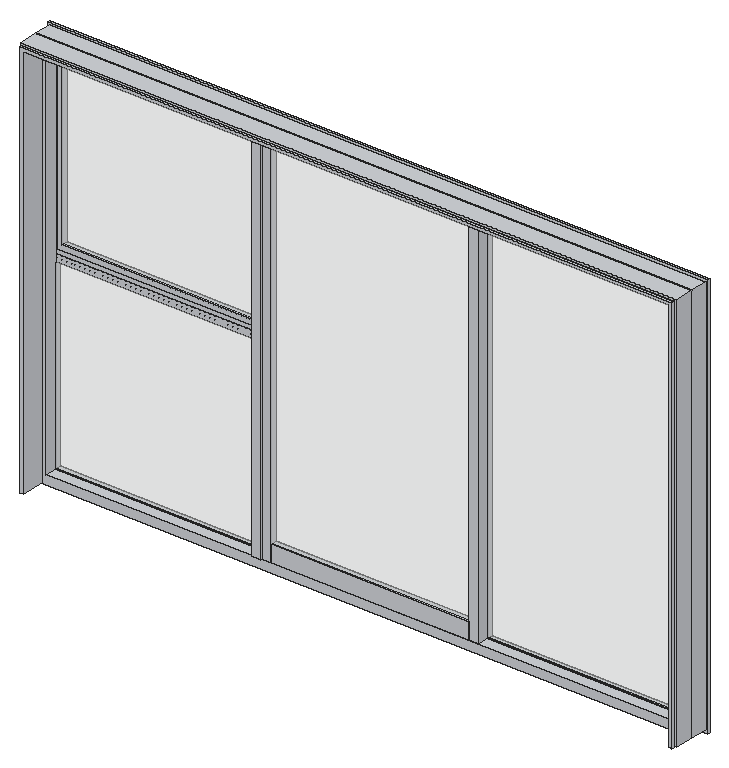
Revit family "APL Residential Thermal Heart Sliding Door FSF with Sidelight", category Doors, host Wall, Revit 2017 (continued)
Definition of nested family "APL Residential Thermal Heart Sliding Door FSF with Sidelight Horizontal Section"
  Definition of nested family "Jamb&Sash"
    Definition of nested family "65720_Sash"
      Lines and regions (mm)
        model lines, in view "Ref. Level"
          curve 136: line (19.579, 1.5, 0) -> (18.169, 2.309, 0)
          curve 137: line (17.6, 2.45, 0) -> (17.6, 0.874, 0)
          curve 138: line (22.5, 6.6, 0) -> (28.892, 6.6, 0)
          curve 139: line (34.135, 2.97, 0) -> (38.899, 2.97, 0)
          curve 140: line (39.4, 2.47, 0) -> (39.4, -6.3, 0)
          curve 141: line (38.9, -6.8, 0) -> (22.502, -6.8, 0)
          curve 142: line (22, -6.3, 0) -> (22, 6.1, 0)
          curve 143: arc (22, 6.1, 0) -> (22.146, 6.454, 0) -> (22.5, 6.6, 0) r 0.5
          curve 144: arc (12.714, 14.359, 0) -> (13.138, 14.183, 0) -> (13.314, 13.759, 0) r 0.6
          curve 145: arc (13.633, 5.978, 0) -> (13.937, 5.291, 0) -> (14.633, 5.009, 0) r 1
          curve 146: arc (17.054, 5.009, 0) -> (17.364, 5.05, 0) -> (17.654, 5.17, 0) r 1.2
          curve 147: arc (19.714, 6.209, 0) -> (19.996, 6.092, 0) -> (20.114, 5.809, 0) r 0.4
          curve 148: arc (20.014, 4.834, 0) -> (19.955, 4.693, 0) -> (19.814, 4.634, 0) r 0.2
          curve 149: arc (19.617, 4.653, 0) -> (19.041, 4.615, 0) -> (18.764, 4.109, 0) r 0.6
          curve 150: arc (18.764, 4.109, 0) -> (19.041, 3.603, 0) -> (19.617, 3.565, 0) r 0.6
          curve 151: arc (19.814, 3.584, 0) -> (19.955, 3.525, 0) -> (20.014, 3.384, 0) r 0.2
          curve 152: arc (20.114, 2.409, 0) -> (19.996, 2.126, 0) -> (19.714, 2.009, 0) r 0.4
          curve 153: arc (17.654, 3.048, 0) -> (17.364, 3.168, 0) -> (17.054, 3.209, 0) r 1.2
          curve 154: arc (8.374, 3.209, 0) -> (8.063, 3.168, 0) -> (7.774, 3.048, 0) r 1.2
          curve 155: arc (5.714, 2.009, 0) -> (5.431, 2.126, 0) -> (5.314, 2.409, 0) r 0.4
          curve 156: arc (5.414, 3.384, 0) -> (5.472, 3.525, 0) -> (5.614, 3.584, 0) r 0.2
          curve 157: arc (5.81, 3.565, 0) -> (6.386, 3.603, 0) -> (6.664, 4.109, 0) r 0.6
          curve 158: arc (6.664, 4.109, 0) -> (6.386, 4.615, 0) -> (5.81, 4.653, 0) r 0.6
          curve 159: arc (5.614, 4.634, 0) -> (5.472, 4.693, 0) -> (5.414, 4.834, 0) r 0.2
          curve 160: arc (5.314, 5.809, 0) -> (5.431, 6.092, 0) -> (5.714, 6.209, 0) r 0.4
          curve 161: arc (7.774, 5.17, 0) -> (8.063, 5.05, 0) -> (8.374, 5.009, 0) r 1.2
          curve 162: arc (10.794, 5.009, 0) -> (11.49, 5.291, 0) -> (11.794, 5.978, 0) r 1
          curve 163: line (13.314, 13.759, 0) -> (13.633, 5.978, 0)
          curve 164: line (14.633, 5.009, 0) -> (16.946, 5.009, 0)
          curve 165: line (17.654, 5.17, 0) -> (18.414, 5.609, 0)
          curve 166: line (18.414, 5.609, 0) -> (19.407, 6.182, 0)
          curve 167: line (19.407, 6.182, 0) -> (19.714, 6.209, 0)
          curve 168: line (20.114, 5.809, 0) -> (20.114, 5.309, 0)
          curve 169: line (20.114, 5.309, 0) -> (20.014, 4.834, 0)
          curve 170: line (20.014, 3.384, 0) -> (20.014, 3.009, 0)
          curve 171: line (20.014, 3.009, 0) -> (20.114, 2.409, 0)
          curve 172: line (19.714, 2.009, 0) -> (19.507, 2.009, 0)
          curve 173: line (19.507, 2.009, 0) -> (18.414, 2.609, 0)
          curve 174: line (18.414, 2.609, 0) -> (17.654, 3.048, 0)
          curve 175: line (16.946, 3.209, 0) -> (12.714, 3.209, 0)
          curve 176: line (12.714, 3.209, 0) -> (8.374, 3.209, 0)
          curve 177: line (7.774, 3.048, 0) -> (6.02, 2.036, 0)
          curve 178: line (6.02, 2.036, 0) -> (5.714, 2.009, 0)
          curve 179: line (5.314, 2.409, 0) -> (5.314, 2.909, 0)
          curve 180: line (5.314, 2.909, 0) -> (5.414, 3.384, 0)
          curve 181: line (5.414, 4.834, 0) -> (5.414, 5.209, 0)
          curve 182: line (5.414, 5.209, 0) -> (5.314, 5.809, 0)
          curve 183: line (5.714, 6.209, 0) -> (5.92, 6.209, 0)
          curve 184: line (5.92, 6.209, 0) -> (7.774, 5.17, 0)
          curve 185: line (8.374, 5.009, 0) -> (10.794, 5.009, 0)
          curve 186: line (11.794, 5.978, 0) -> (12.114, 13.768, 0)
          curve 187: arc (12.114, 13.768, 0) -> (12.293, 14.187, 0) -> (12.714, 14.359, 0) r 0.6
          curve 188: arc (5.3, -2.4, 0) -> (5.417, -2.117, 0) -> (5.7, -2, 0) r 0.4
          curve 189: arc (5.993, -2, 0) -> (6.096, -2.014, 0) -> (6.193, -2.054, 0) r 0.4
          curve 190: arc (7.721, -2.939, 0) -> (8.011, -3.059, 0) -> (8.322, -3.1, 0) r 1.2
          curve 191: arc (9.245, -3.1, 0) -> (9.818, -3.281, 0) -> (10.184, -3.758, 0) r 1
          curve 192: arc (10.977, -5.937, 0) -> (11.124, -6.128, 0) -> (11.353, -6.2, 0) r 0.4
          curve 193: arc (14.047, -6.2, 0) -> (14.276, -6.128, 0) -> (14.423, -5.937, 0) r 0.4
          curve 194: arc (15.216, -3.758, 0) -> (15.582, -3.281, 0) -> (16.155, -3.1, 0) r 1
          curve 195: arc (17.078, -3.1, 0) -> (17.389, -3.059, 0) -> (17.679, -2.939, 0) r 1.2
          curve 196: arc (19.207, -2.054, 0) -> (19.304, -2.014, 0) -> (19.407, -2, 0) r 0.4
          curve 197: arc (19.7, -2, 0) -> (19.983, -2.117, 0) -> (20.1, -2.4, 0) r 0.4
          curve 198: arc (20.1, -5.8, 0) -> (19.983, -6.083, 0) -> (19.7, -6.2, 0) r 0.4
          curve 199: arc (19.407, -6.2, 0) -> (19.304, -6.186, 0) -> (19.207, -6.146, 0) r 0.4
          curve 200: arc (17.679, -5.261, 0) -> (17.385, -5.14, 0) -> (17.07, -5.1, 0) r 1.2
          curve 201: arc (17.07, -5.1, 0) -> (16.895, -5.153, 0) -> (16.784, -5.297, 0) r 0.3
          curve 202: arc (15.896, -7.737, 0) -> (15.749, -7.928, 0) -> (15.52, -8, 0) r 0.4
          curve 203: arc (9.88, -8, 0) -> (9.651, -7.928, 0) -> (9.504, -7.737, 0) r 0.4
          curve 204: arc (8.616, -5.297, 0) -> (8.505, -5.153, 0) -> (8.33, -5.1, 0) r 0.3
          curve 205: arc (8.33, -5.1, 0) -> (8.015, -5.14, 0) -> (7.721, -5.261, 0) r 1.2
          curve 206: arc (6.193, -6.146, 0) -> (6.096, -6.186, 0) -> (5.993, -6.2, 0) r 0.4
          curve 207: arc (5.7, -6.2, 0) -> (5.417, -6.083, 0) -> (5.3, -5.8, 0) r 0.4
          curve 208: line (5.7, -2, 0) -> (5.993, -2, 0)
          curve 209: line (6.193, -2.054, 0) -> (7.721, -2.939, 0)
          curve 210: line (8.322, -3.1, 0) -> (9.245, -3.1, 0)
          curve 211: line (10.184, -3.758, 0) -> (10.977, -5.937, 0)
          curve 212: line (11.353, -6.2, 0) -> (14.047, -6.2, 0)
          curve 213: line (14.423, -5.937, 0) -> (15.216, -3.758, 0)
          curve 214: line (16.155, -3.1, 0) -> (17.078, -3.1, 0)
          curve 215: line (17.679, -2.939, 0) -> (19.207, -2.054, 0)
          curve 216: line (19.407, -2, 0) -> (19.7, -2, 0)
          curve 217: line (20.1, -2.4, 0) -> (20.1, -5.8, 0)
          curve 218: line (19.7, -6.2, 0) -> (19.407, -6.2, 0)
          curve 219: line (19.207, -6.146, 0) -> (17.679, -5.261, 0)
          curve 220: line (16.784, -5.297, 0) -> (15.896, -7.737, 0)
          curve 221: line (15.52, -8, 0) -> (9.88, -8, 0)
          curve 222: line (9.504, -7.737, 0) -> (8.616, -5.297, 0)
          curve 223: line (7.721, -5.261, 0) -> (6.193, -6.146, 0)
          curve 224: line (5.993, -6.2, 0) -> (5.7, -6.2, 0)
          curve 225: line (5.3, -5.8, 0) -> (5.3, -2.4, 0)
          curve 226: arc (7.8, -0.874, 0) -> (7.718, -0.477, 0) -> (7.485, -0.146, 0) r 1
          curve 227: arc (7.485, -0.146, 0) -> (7.422, 0, 0) -> (7.485, 0.146, 0) r 0.2
          curve 228: arc (7.485, 0.146, 0) -> (7.718, 0.477, 0) -> (7.8, 0.874, 0) r 1
          curve 229: arc (7.8, 2.449, 0) -> (7.673, 2.668, 0) -> (7.42, 2.663, 0) r 0.25
          curve 230: arc (7.334, 2.611, 0) -> (7.228, 2.479, 0) -> (7.231, 2.309, 0) r 0.25
          curve 231: arc (5.977, 1.544, 0) -> (5.902, 1.511, 0) -> (5.821, 1.5, 0) r 0.3
          curve 232: arc (5.3, 1.5, 0) -> (5.142, 1.578, 0) -> (5.106, 1.75, 0) r 0.2
          curve 233: arc (5.3, 5.753, 0) -> (5.274, 5.875, 0) -> (5.2, 5.976, 0) r 0.3
          curve 234: arc (5.2, 5.976, 0) -> (5.12, 6.307, 0) -> (5.4, 6.5, 0) r 0.3
          curve 235: arc (7.621, 5.957, 0) -> (7.71, 5.905, 0) -> (7.762, 5.816, 0) r 0.2
          curve 236: arc (7.807, 5.648, 0) -> (7.948, 5.507, 0) -> (8.141, 5.559, 0) r 0.2
          curve 237: arc (8.505, 5.922, 0) -> (8.565, 6.008, 0) -> (8.592, 6.108, 0) r 0.3
          curve 238: arc (8.799, 8.474, 0) -> (8.683, 8.738, 0) -> (8.397, 8.782, 0) r 0.3
          curve 239: arc (6.987, 8.268, 0) -> (6.861, 8.181, 0) -> (6.795, 8.043, 0) r 0.3
          curve 240: arc (6.795, 8.043, 0) -> (6.522, 7.801, 0) -> (6.217, 8, 0) r 0.3
          curve 241: arc (-3.3, 8, 0) -> (-4.007, 8.293, 0) -> (-4.3, 9, 0) r 1
          curve 242: arc (-4.3, 18.8, 0) -> (-4.241, 18.941, 0) -> (-4.1, 19, 0) r 0.2
          curve 243: arc (-3.2, 19, 0) -> (-2.493, 19.293, 0) -> (-2.2, 20, 0) r 1
          curve 244: arc (-2.2, 20.751, 0) -> (-2.7, 21.252, 0) -> (-3.2, 20.751, 0) r 0.5
          curve 245: arc (-3.2, 24.751, 0) -> (-2.7, 24.249, 0) -> (-2.2, 24.751, 0) r 0.5
          curve 246: arc (-2.2, 25.501, 0) -> (-2.493, 26.207, 0) -> (-3.199, 26.5, 0) r 0.999
          curve 247: arc (-4.7, 26.5, 0) -> (-5.407, 26.207, 0) -> (-5.7, 25.5, 0) r 1
          curve 248: arc (-5.7, -14.454, 0) -> (-5.548, -15.22, 0) -> (-5.114, -15.869, 0) r 2
          curve 249: arc (5.959, -26.941, 0) -> (6.177, -26.985, 0) -> (6.3, -26.8, 0) r 0.2
          curve 250: arc (6.3, -22.85, 0) -> (6.241, -22.709, 0) -> (6.1, -22.65, 0) r 0.2
          curve 251: arc (5.501, -22.65, 0) -> (5.359, -22.708, 0) -> (5.3, -22.85, 0) r 0.2
          curve 252: arc (5.3, -23.2, 0) -> (5.241, -23.341, 0) -> (5.1, -23.4, 0) r 0.201
          curve 253: arc (4.497, -23.4, 0) -> (4.357, -23.341, 0) -> (4.3, -23.2, 0) r 0.198
          curve 254: arc (4.3, -20.1, 0) -> (4.358, -19.96, 0) -> (4.497, -19.9, 0) r 0.2
          curve 255: arc (5.1, -19.9, 0) -> (5.241, -19.959, 0) -> (5.3, -20.1, 0) r 0.2
          curve 256: arc (5.3, -20.45, 0) -> (5.359, -20.591, 0) -> (5.5, -20.65, 0) r 0.2
          curve 257: arc (6.1, -20.65, 0) -> (6.241, -20.591, 0) -> (6.3, -20.45, 0) r 0.2
          curve 258: arc (6.3, -19.092, 0) -> (6.244, -18.951, 0) -> (6.1, -18.9, 0) r 0.184
          curve 259: arc (6.217, -8, 0) -> (6.522, -7.801, 0) -> (6.795, -8.043, 0) r 0.3
          curve 260: arc (6.795, -8.043, 0) -> (6.861, -8.181, 0) -> (6.987, -8.268, 0) r 0.3
          curve 261: arc (8.397, -8.782, 0) -> (8.683, -8.738, 0) -> (8.799, -8.474, 0) r 0.3
          curve 262: arc (8.592, -6.108, 0) -> (8.565, -6.008, 0) -> (8.505, -5.922, 0) r 0.3
          curve 263: arc (8.141, -5.559, 0) -> (7.948, -5.507, 0) -> (7.807, -5.648, 0) r 0.2
          curve 264: arc (7.762, -5.816, 0) -> (7.71, -5.905, 0) -> (7.621, -5.957, 0) r 0.2
          curve 265: arc (5.4, -6.5, 0) -> (5.12, -6.307, 0) -> (5.2, -5.976, 0) r 0.3
          curve 266: arc (5.2, -5.976, 0) -> (5.274, -5.875, 0) -> (5.3, -5.753, 0) r 0.3
          curve 267: arc (5.106, -1.75, 0) -> (5.142, -1.578, 0) -> (5.3, -1.5, 0) r 0.2
          curve 268: arc (5.82, -1.5, 0) -> (5.902, -1.511, 0) -> (5.977, -1.544, 0) r 0.3
          curve 269: arc (7.231, -2.309, 0) -> (7.228, -2.479, 0) -> (7.334, -2.611, 0) r 0.25
          curve 270: arc (7.42, -2.663, 0) -> (7.672, -2.668, 0) -> (7.8, -2.45, 0) r 0.25
          curve 271: arc (-0.454, 6.272, 0) -> (-0.427, 6.485, 0) -> (-0.608, 6.6, 0) r 0.2
          curve 272: arc (-3.4, 6.6, 0) -> (-4.107, 6.307, 0) -> (-4.4, 5.6, 0) r 1
          curve 273: arc (-4.4, -2.447, 0) -> (-4.254, -2.802, 0) -> (-3.9, -2.949, 0) r 0.5
          curve 274: arc (-2.4, -2.949, 0) -> (-1.693, -3.242, 0) -> (-1.4, -3.949, 0) r 1
          curve 275: arc (-1.4, -4.449, 0) -> (-1.9, -4.949, 0) -> (-2.4, -4.449, 0) r 0.5
          curve 276: arc (-4, -3.949, 0) -> (-4.283, -4.067, 0) -> (-4.4, -4.349, 0) r 0.4
          curve 277: arc (-4.4, -9.05, 0) -> (-4, -9.45, 0) -> (-4.4, -9.85, 0) r 0.4
          curve 278: arc (-4.4, -14.452, 0) -> (-4.347, -14.721, 0) -> (-4.195, -14.949, 0) r 0.7
          curve 279: arc (-2.4, -14.449, 0) -> (-1.9, -13.949, 0) -> (-1.4, -14.449, 0) r 0.5
          curve 280: arc (-1.4, -15.007, 0) -> (-1.602, -15.609, 0) -> (-2.125, -15.969, 0) r 1
          curve 281: arc (-2.125, -15.969, 0) -> (-2.472, -16.324, 0) -> (-2.341, -16.803, 0) r 0.5
          curve 282: arc (2.959, -22.103, 0) -> (3.177, -22.146, 0) -> (3.3, -21.962, 0) r 0.2
          curve 283: line (7.8, 0.874, 0) -> (7.8, 2.449, 0)
          curve 284: line (7.231, 2.309, 0) -> (5.977, 1.544, 0)
          curve 285: line (5.977, 1.544, 0) -> (5.3, 1.5, 0)
          curve 286: line (5.106, 1.75, 0) -> (5.294, 2.475, 0)
          curve 287: line (5.294, 2.475, 0) -> (5.3, 5.753, 0)
          curve 288: line (5.554, 6.5, 0) -> (7.621, 5.957, 0)
          curve 289: line (7.621, 5.957, 0) -> (7.807, 5.648, 0)
          curve 290: line (8.141, 5.559, 0) -> (8.505, 5.922, 0)
          curve 291: line (8.592, 6.108, 0) -> (8.799, 8.474, 0)
          curve 292: line (8.397, 8.782, 0) -> (6.987, 8.268, 0)
          curve 293: line (6.217, 8, 0) -> (-3.3, 8, 0)
          curve 294: line (-4.3, 9, 0) -> (-4.3, 18.8, 0)
          curve 295: line (-4.1, 19, 0) -> (-3.2, 19, 0)
          curve 296: line (-2.2, 20, 0) -> (-2.2, 20.751, 0)
          curve 297: line (-3.2, 20.751, 0) -> (-3.2, 20, 0)
          curve 298: line (-3.2, 20, 0) -> (-4.7, 20, 0)
          curve 299: line (-4.7, 20, 0) -> (-4.7, 25.5, 0)
          curve 300: line (-4.7, 25.5, 0) -> (-3.2, 25.5, 0)
          curve 301: line (-3.2, 25.5, 0) -> (-3.2, 24.751, 0)
          curve 302: line (-2.2, 24.751, 0) -> (-2.2, 25.501, 0)
          curve 303: line (-3.199, 26.5, 0) -> (-4.7, 26.5, 0)
          curve 304: line (-5.7, 25.5, 0) -> (-5.7, -14.454, 0)
          curve 305: line (-5.114, -15.869, 0) -> (5.959, -26.941, 0)
          curve 306: line (6.3, -26.8, 0) -> (6.3, -22.85, 0)
          curve 307: line (6.1, -22.65, 0) -> (5.501, -22.65, 0)
          curve 308: line (5.3, -22.85, 0) -> (5.3, -23.2, 0)
          curve 309: line (5.1, -23.4, 0) -> (4.497, -23.4, 0)
          curve 310: line (4.3, -23.2, 0) -> (4.3, -20.1, 0)
          curve 311: line (4.497, -19.9, 0) -> (5.1, -19.9, 0)
          curve 312: line (5.3, -20.1, 0) -> (5.3, -20.45, 0)
          curve 313: line (5.5, -20.65, 0) -> (6.1, -20.65, 0)
          curve 314: line (6.3, -20.45, 0) -> (6.3, -19.092, 0)
          curve 315: line (6.1, -18.9, 0) -> (4.6, -18.9, 0)
          curve 316: line (4.6, -18.9, 0) -> (4.6, -8, 0)
          curve 317: line (4.6, -8, 0) -> (6.217, -8, 0)
          curve 318: line (6.987, -8.268, 0) -> (8.397, -8.782, 0)
          curve 319: line (8.799, -8.474, 0) -> (8.592, -6.108, 0)
          curve 320: line (8.505, -5.922, 0) -> (8.141, -5.559, 0)
          curve 321: line (7.807, -5.648, 0) -> (7.762, -5.816, 0)
          curve 322: line (7.762, -5.816, 0) -> (5.632, -6.49, 0)
          curve 323: line (5.632, -6.49, 0) -> (5.4, -6.5, 0)
          curve 324: line (5.3, -5.753, 0) -> (5.3, -2.525, 0)
          curve 325: line (5.3, -2.525, 0) -> (5.106, -1.75, 0)
          curve 326: line (5.3, -1.5, 0) -> (5.82, -1.5, 0)
          curve 327: line (5.821, -1.5, 0) -> (7.231, -2.309, 0)
          curve 328: line (7.8, -2.45, 0) -> (7.8, -0.874, 0)
          curve 329: line (-0.608, 6.6, 0) -> (-3.4, 6.6, 0)
          curve 330: line (-4.4, 5.6, 0) -> (-4.4, -2.447, 0)
          curve 331: line (-3.9, -2.949, 0) -> (-2.4, -2.949, 0)
          curve 332: line (-1.4, -3.949, 0) -> (-1.4, -4.449, 0)
          curve 333: line (-2.4, -4.449, 0) -> (-2.4, -3.949, 0)
          curve 334: line (-2.4, -3.949, 0) -> (-4, -3.949, 0)
          curve 335: line (-4.4, -4.349, 0) -> (-4.4, -9.05, 0)
          curve 336: line (-4.4, -9.85, 0) -> (-4.4, -14.452, 0)
          curve 337: line (-4.195, -14.949, 0) -> (-2.4, -14.949, 0)
          curve 338: line (-2.4, -14.949, 0) -> (-2.4, -14.449, 0)
          curve 339: line (-1.4, -14.449, 0) -> (-1.4, -15.007, 0)
          curve 340: line (-2.341, -16.803, 0) -> (2.959, -22.103, 0)
          curve 341: line (3.3, -21.962, 0) -> (3.3, 2.193, 0)
          curve 342: arc (3.3, 2.193, 0) -> (3.272, 2.296, 0) -> (3.194, 2.37, 0) r 0.2
          curve 343: arc (3.194, 2.37, 0) -> (2.838, 2.85, 0) -> (2.984, 3.43, 0) r 0.7
          curve 344: arc (2.984, 3.43, 0) -> (3.33, 4.4, 0) -> (2.984, 5.37, 0) r 1.53
          curve 345: arc (2.984, 5.37, 0) -> (2.892, 5.514, 0) -> (2.838, 5.676, 0) r 0.7
          curve 346: arc (2.838, 5.676, 0) -> (2.741, 5.888, 0) -> (2.559, 6.032, 0) r 0.5
          curve 347: arc (2.559, 6.032, 0) -> (1.8, 6.2, 0) -> (1.041, 6.032, 0) r 1.8
          curve 348: arc (1.041, 6.032, 0) -> (0.859, 5.888, 0) -> (0.762, 5.676, 0) r 0.5
          curve 349: arc (0.762, 5.676, 0) -> (0.708, 5.514, 0) -> (0.616, 5.37, 0) r 0.7
          curve 350: arc (0.616, 5.37, 0) -> (0.27, 4.4, 0) -> (0.616, 3.43, 0) r 1.53
          curve 351: arc (0.616, 3.43, 0) -> (0.519, 2.445, 0) -> (-0.466, 2.543, 0) r 0.7
          curve 352: arc (-0.466, 2.543, 0) -> (-1.13, 4.41, 0) -> (-0.454, 6.272, 0) r 2.93
      Text (mm)
        text "65720" at (33.241, 33.025, 0), in view "Ref. Level"
  Definition of nested family "Glazing"
    Parameters (values of type "Glazing")
      Glass Lenght [instance] = 50 mm
    Reference planes
      plane 1 "Center (Front/Back)": y = 0
      plane 2: z = 0
      plane 3 "Center (Left/Right)": x = 0
      plane 4: y = -50
    Lines and regions (mm)
      Filled region 1, type "Solid Fill - Black", in view "Ref. Level"
        outline origin (0, 0, 0) x (1, 0, 0) y (0, 1, 0)
          loop
            line (4, 0) -> (4, -12) -> (20, -12) -> (20, 0) -> (4, 0)
      model lines, in view "Ref. Level"
        curve 1: line (4, -12, 0) -> (20, -12, 0)
        curve 2: line (0, -50, 0) -> (0, 0, 0)
        curve 3: line (0, 0, 0) -> (24, 0, 0)
        curve 4: line (24, 0, 0) -> (24, -50, 0)
        curve 5: line (20, 0, 0) -> (20, -50, 0)
        curve 6: line (4, 0, 0) -> (4, -50, 0)
      detail lines, in view "Ref. Level"
        curve 7: arc (-0.25, -4.9, 0) -> (0, -5.15, 0) -> (-0.25, -5.4, 0) r 0.25
        curve 8: arc (-0.25, -8.45, 0) -> (0, -8.7, 0) -> (-0.25, -8.95, 0) r 0.25
        curve 9: arc (-0.25, -9.619, 0) -> (0, -9.869, 0) -> (-0.25, -10.119, 0) r 0.25
        curve 10: arc (-0.25, -10.787, 0) -> (0, -11.037, 0) -> (-0.25, -11.287, 0) r 0.25
        curve 11: line (-0.25, -12.456, 0) -> (-1, -12.456, 0)
        curve 12: line (-1, -12.456, 0) -> (-1, -8.45, 0)
        curve 13: line (-1, -8.45, 0) -> (-2.2, -8.45, 0)
        curve 14: line (-2.2, -8.45, 0) -> (-2.2, -9.2, 0)
        curve 15: line (-2.2, -9.2, 0) -> (-2.8, -9.2, 0)
        curve 16: line (-2.8, -9.2, 0) -> (-2.8, -6.1, 0)
        curve 17: line (-2.8, -6.1, 0) -> (-2.2, -6.1, 0)
        curve 18: line (-2.2, -6.1, 0) -> (-2.2, -6.85, 0)
        curve 19: line (-2.2, -6.85, 0) -> (-1, -6.85, 0)
        curve 20: line (-1, -6.85, 0) -> (-1, -4.9, 0)
        curve 21: line (-1, -4.9, 0) -> (-0.25, -4.9, 0)
        curve 22: line (-0.25, -5.4, 0) -> (-0.25, -8.45, 0)
        curve 23: line (-0.25, -8.95, 0) -> (-0.25, -9.619, 0)
        curve 24: line (-0.25, -10.119, 0) -> (-0.25, -10.787, 0)
        curve 25: line (-0.25, -11.287, 0) -> (-0.25, -11.956, 0)
        curve 26: arc (-0.25, -11.956, 0) -> (0, -12.206, 0) -> (-0.25, -12.456, 0) r 0.25
        curve 27: arc (25, -10.728, 0) -> (24.979, -10.828, 0) -> (24.92, -10.912, 0) r 0.25
        curve 28: arc (24.161, -11.614, 0) -> (24.042, -11.78, 0) -> (24, -11.981, 0) r 0.5
        curve 29: arc (24, -13.404, 0) -> (24.088, -13.594, 0) -> (24.289, -13.651, 0) r 0.25
        curve 30: arc (28.489, -12.997, 0) -> (28.647, -12.904, 0) -> (28.699, -12.728, 0) r 0.25
        curve 31: arc (27.5, -8.1, 0) -> (27.711, -7.984, 0) -> (27.727, -7.744, 0) r 0.25
        curve 32: arc (26.033, -4.114, 0) -> (25.642, -3.858, 0) -> (25.24, -4.095, 0) r 0.442
        curve 33: arc (24.864, -4.812, 0) -> (24.414, -5.357, 0) -> (24.052, -5.964, 0) r 4.62
        curve 34: arc (24.052, -5.964, 0) -> (24.013, -6.073, 0) -> (24, -6.187, 0) r 0.5
        curve 35: arc (24, -6.743, 0) -> (24.132, -6.931, 0) -> (24.353, -6.871, 0) r 0.2
        curve 36: arc (24.353, -6.871, 0) -> (24.514, -6.711, 0) -> (24.702, -6.581, 0) r 1.262
        curve 37: arc (24.702, -6.581, 0) -> (24.901, -6.583, 0) -> (25, -6.756, 0) r 0.2
        curve 38: arc (25, -7.353, 0) -> (24.962, -7.543, 0) -> (24.855, -7.705, 0) r 0.5
        curve 39: arc (24.855, -7.705, 0) -> (24.408, -8.237, 0) -> (24.051, -8.833, 0) r 4.3
        curve 40: arc (24.051, -8.833, 0) -> (24.013, -8.941, 0) -> (24, -9.054, 0) r 0.5
        curve 41: arc (24, -9.668, 0) -> (24.137, -9.858, 0) -> (24.361, -9.787, 0) r 0.2
        curve 42: arc (24.361, -9.787, 0) -> (24.512, -9.617, 0) -> (24.69, -9.476, 0) r 1.288
        curve 43: arc (24.69, -9.476, 0) -> (24.895, -9.467, 0) -> (25, -9.643, 0) r 0.2
        curve 44: line (24.92, -10.912, 0) -> (24.161, -11.614, 0)
        curve 45: line (24, -11.981, 0) -> (24, -13.404, 0)
        curve 46: line (24.289, -13.651, 0) -> (28.489, -12.997, 0)
        curve 47: line (28.699, -12.728, 0) -> (28.548, -11, 0)
        curve 48: line (28.548, -11, 0) -> (27, -11, 0)
        curve 49: line (27, -11, 0) -> (27, -8.1, 0)
        curve 50: line (27, -8.1, 0) -> (27.5, -8.1, 0)
        curve 51: line (27.727, -7.744, 0) -> (26.033, -4.114, 0)
        curve 52: line (25.24, -4.095, 0) -> (24.864, -4.812, 0)
        curve 53: line (24, -6.187, 0) -> (24, -6.743, 0)
        curve 54: line (25, -6.756, 0) -> (25, -7.353, 0)
        curve 55: line (24, -9.054, 0) -> (24, -9.668, 0)
        curve 56: line (25, -9.643, 0) -> (25, -10.728, 0)
      detail lines, in view "Ref. Level", not visible
        curve 57: arc (-0.25, -4.9, 0) -> (0, -5.15, 0) -> (-0.25, -5.4, 0) r 0.25
        curve 58: arc (-0.25, -8.45, 0) -> (0, -8.7, 0) -> (-0.25, -8.95, 0) r 0.25
        curve 59: arc (-0.25, -9.619, 0) -> (0, -9.869, 0) -> (-0.25, -10.119, 0) r 0.25
        curve 60: arc (-0.25, -10.787, 0) -> (0, -11.037, 0) -> (-0.25, -11.287, 0) r 0.25
        curve 61: line (-0.25, -12.456, 0) -> (-1, -12.456, 0)
        curve 62: line (-1, -12.456, 0) -> (-1, -8.45, 0)
        curve 63: line (-1, -8.45, 0) -> (-2.2, -8.45, 0)
        curve 64: line (-2.2, -8.45, 0) -> (-2.2, -9.2, 0)
        curve 65: line (-2.2, -9.2, 0) -> (-2.8, -9.2, 0)
        curve 66: line (-2.8, -9.2, 0) -> (-2.8, -6.1, 0)
        curve 67: line (-2.8, -6.1, 0) -> (-2.2, -6.1, 0)
        curve 68: line (-2.2, -6.1, 0) -> (-2.2, -6.85, 0)
        curve 69: line (-2.2, -6.85, 0) -> (-1, -6.85, 0)
        curve 70: line (-1, -6.85, 0) -> (-1, -4.9, 0)
        curve 71: line (-1, -4.9, 0) -> (-0.25, -4.9, 0)
        curve 72: line (-0.25, -5.4, 0) -> (-0.25, -8.45, 0)
        curve 73: line (-0.25, -8.95, 0) -> (-0.25, -9.619, 0)
        curve 74: line (-0.25, -10.119, 0) -> (-0.25, -10.787, 0)
        curve 75: line (-0.25, -11.287, 0) -> (-0.25, -11.956, 0)
        curve 76: arc (-0.25, -11.956, 0) -> (0, -12.206, 0) -> (-0.25, -12.456, 0) r 0.25
        curve 77: arc (25, -10.728, 0) -> (24.979, -10.828, 0) -> (24.92, -10.912, 0) r 0.25
        curve 78: arc (24.161, -11.614, 0) -> (24.042, -11.78, 0) -> (24, -11.981, 0) r 0.5
        curve 79: arc (24, -13.404, 0) -> (24.088, -13.594, 0) -> (24.289, -13.651, 0) r 0.25
        curve 80: arc (28.489, -12.997, 0) -> (28.647, -12.904, 0) -> (28.699, -12.728, 0) r 0.25
        curve 81: arc (27.5, -8.1, 0) -> (27.711, -7.984, 0) -> (27.727, -7.744, 0) r 0.25
        curve 82: arc (26.033, -4.114, 0) -> (25.642, -3.858, 0) -> (25.24, -4.095, 0) r 0.442
        curve 83: arc (24.864, -4.812, 0) -> (24.414, -5.357, 0) -> (24.052, -5.964, 0) r 4.62
        curve 84: arc (24.052, -5.964, 0) -> (24.013, -6.073, 0) -> (24, -6.187, 0) r 0.5
        curve 85: arc (24, -6.743, 0) -> (24.132, -6.931, 0) -> (24.353, -6.871, 0) r 0.2
        curve 86: arc (24.353, -6.871, 0) -> (24.514, -6.711, 0) -> (24.702, -6.581, 0) r 1.262
        curve 87: arc (24.702, -6.581, 0) -> (24.901, -6.583, 0) -> (25, -6.756, 0) r 0.2
        curve 88: arc (25, -7.353, 0) -> (24.962, -7.543, 0) -> (24.855, -7.705, 0) r 0.5
        curve 89: arc (24.855, -7.705, 0) -> (24.408, -8.237, 0) -> (24.051, -8.833, 0) r 4.3
        curve 90: arc (24.051, -8.833, 0) -> (24.013, -8.941, 0) -> (24, -9.054, 0) r 0.5
        curve 91: arc (24, -9.668, 0) -> (24.137, -9.858, 0) -> (24.361, -9.787, 0) r 0.2
        curve 92: arc (24.361, -9.787, 0) -> (24.512, -9.617, 0) -> (24.69, -9.476, 0) r 1.288
        curve 93: arc (24.69, -9.476, 0) -> (24.895, -9.467, 0) -> (25, -9.643, 0) r 0.2
        curve 94: line (24.92, -10.912, 0) -> (24.161, -11.614, 0)
        curve 95: line (24, -11.981, 0) -> (24, -13.404, 0)
        curve 96: line (24.289, -13.651, 0) -> (28.489, -12.997, 0)
        curve 97: line (28.699, -12.728, 0) -> (28.548, -11, 0)
        curve 98: line (28.548, -11, 0) -> (27, -11, 0)
        curve 99: line (27, -11, 0) -> (27, -8.1, 0)
        curve 100: line (27, -8.1, 0) -> (27.5, -8.1, 0)
        curve 101: line (27.727, -7.744, 0) -> (26.033, -4.114, 0)
        curve 102: line (25.24, -4.095, 0) -> (24.864, -4.812, 0)
        curve 103: line (24, -6.187, 0) -> (24, -6.743, 0)
        curve 104: line (25, -6.756, 0) -> (25, -7.353, 0)
        curve 105: line (24, -9.054, 0) -> (24, -9.668, 0)
        curve 106: line (25, -9.643, 0) -> (25, -10.728, 0)
    Dimensions and locks
      "Glass Lenght": plane 1 "Center (Front/Back)" to plane 4
      aligned and locked: plane 4 to curve 2
      aligned and locked: plane 1 "Center (Front/Back)" to Filled region 1 sketch curve
      aligned and locked: Filled region 1 sketch curve to curve 6
      aligned and locked: Filled region 1 sketch curve to curve 1
      aligned and locked: Filled region 1 sketch curve to curve 5
    Automatic sketch dimensions
      plane 1 "Center (Front/Back)" to curve 2 = 0 mm
      curve 2 to plane 3 "Center (Left/Right)" = 0 mm
      curve 6 to plane 4 = 0 mm
      curve 5 to plane 4 = 0 mm
      curve 4 to plane 4 = 0 mm
      curve 5 to curve 3 = 4 mm
      curve 1 to curve 1 = 16 mm
      plane 1 "Center (Front/Back)" to curve 1 = 12 mm
      plane 3 "Center (Left/Right)" to curve 6 = 4 mm
  Definition of nested family "Three Panel Closer"
    Reference planes
      plane 1 "Center (Front/Back)": y = 0
      plane 2: z = 0
      plane 3 "Center (Left/Right)": x = 0
    Lines and regions (mm)
      detail lines, in view "Ref. Level"
        curve 1: arc (-13.356, -5.218, 0) -> (-13.496, -5.529, 0) -> (-13.197, -5.691, 0) r 0.25
        curve 2: arc (-3.309, -5.664, 0) -> (-3.01, -5.502, 0) -> (-3.15, -5.192, 0) r 0.25
        curve 3: line (-13.197, -5.691, 0) -> (-9.33, -4.697, 0)
        curve 4: line (-9.33, -4.697, 0) -> (-8.75, -5.7, 0)
        curve 5: line (-8.75, -5.7, 0) -> (-7.75, -5.7, 0)
        curve 6: line (-7.75, -5.7, 0) -> (-7.158, -4.675, 0)
        curve 7: line (-7.158, -4.675, 0) -> (-3.309, -5.664, 0)
        curve 8: line (-3.15, -5.192, 0) -> (-7.25, -3.468, 0)
        curve 9: line (-7.25, -3.468, 0) -> (-7.25, -2.2, 0)
        curve 10: line (-7.25, -2.2, 0) -> (-6, -2.2, 0)
        curve 11: line (-6, -2.2, 0) -> (-6, -1.2, 0)
        curve 12: line (-6, -1.2, 0) -> (-10.5, -1.2, 0)
        curve 13: line (-10.5, -1.2, 0) -> (-10.5, -2.2, 0)
        curve 14: line (-10.5, -2.2, 0) -> (-9.25, -2.2, 0)
        curve 15: line (-9.25, -2.2, 0) -> (-9.25, -3.492, 0)
        curve 16: line (-9.25, -3.492, 0) -> (-13.356, -5.218, 0)
        curve 33: line (46.139, 28.15, 0) -> (44.599, 22.4, 0)
        curve 34: line (44.99, 23.861, 0) -> (44.99, 28.15, 0)
        curve 35: line (44.15, 22.4, 0) -> (44.15, 28.15, 0)
        curve 36: line (43.31, 22.4, 0) -> (43.31, 28.15, 0)
        curve 37: line (42.39, 22.4, 0) -> (42.39, 28.15, 0)
        curve 38: line (41.55, 22.4, 0) -> (41.55, 28.15, 0)
        curve 39: line (40.71, 23.861, 0) -> (40.71, 28.15, 0)
        curve 40: line (41.101, 22.4, 0) -> (39.561, 28.15, 0)
        curve 41: line (46.3, 22.15, 0) -> (39.4, 22.15, 0)
        curve 42: line (39.4, 22.4, 0) -> (46.3, 22.4, 0)
        curve 43: line (46.3, 22.4, 0) -> (46.3, 21.9, 0)
        curve 44: line (46.3, 21.9, 0) -> (39.4, 21.9, 0)
        curve 45: line (39.4, 21.9, 0) -> (39.4, 22.4, 0)
        curve 59: line (46.139, 60.55, 0) -> (44.599, 66.3, 0)
        curve 60: line (44.99, 64.839, 0) -> (44.99, 60.55, 0)
        curve 61: line (44.15, 66.3, 0) -> (44.15, 60.55, 0)
        curve 62: line (43.31, 66.3, 0) -> (43.31, 60.55, 0)
        curve 63: line (42.39, 66.3, 0) -> (42.39, 60.55, 0)
        curve 64: line (41.55, 66.3, 0) -> (41.55, 60.55, 0)
        curve 65: line (40.71, 64.839, 0) -> (40.71, 60.55, 0)
        curve 66: line (41.101, 66.3, 0) -> (39.561, 60.55, 0)
        curve 67: line (46.3, 66.55, 0) -> (39.4, 66.55, 0)
        curve 68: line (39.4, 66.3, 0) -> (46.3, 66.3, 0)
        curve 69: line (46.3, 66.3, 0) -> (46.3, 66.8, 0)
        curve 70: line (46.3, 66.8, 0) -> (39.4, 66.8, 0)
        curve 71: line (39.4, 66.8, 0) -> (39.4, 66.3, 0)
        curve 72: arc (13.855, -47.182, 0) -> (13.995, -46.872, 0) -> (13.696, -46.709, 0) r 0.25
        curve 73: arc (3.808, -46.736, 0) -> (3.509, -46.898, 0) -> (3.649, -47.208, 0) r 0.25
        curve 74: line (13.696, -46.709, 0) -> (9.829, -47.703, 0)
        curve 75: line (9.829, -47.703, 0) -> (9.25, -46.7, 0)
        curve 76: line (9.25, -46.7, 0) -> (8.25, -46.7, 0)
        curve 77: line (8.25, -46.7, 0) -> (7.658, -47.725, 0)
        curve 78: line (7.658, -47.725, 0) -> (3.808, -46.736, 0)
        curve 79: line (3.649, -47.208, 0) -> (7.75, -48.932, 0)
        curve 80: line (7.75, -48.932, 0) -> (7.75, -50.2, 0)
        curve 81: line (7.75, -50.2, 0) -> (6.5, -50.2, 0)
        curve 82: line (6.5, -50.2, 0) -> (6.5, -51.2, 0)
        curve 83: line (6.5, -51.2, 0) -> (11, -51.2, 0)
        curve 84: line (11, -51.2, 0) -> (11, -50.2, 0)
        curve 85: line (11, -50.2, 0) -> (9.75, -50.2, 0)
        curve 86: line (9.75, -50.2, 0) -> (9.75, -48.908, 0)
        curve 87: line (9.75, -48.908, 0) -> (13.855, -47.182, 0)
      detail lines, in view "Ref. Level", not visible
        curve 17: arc (33.161, -9.933, 0) -> (32.851, -9.793, 0) -> (32.689, -10.092, 0) r 0.25
        curve 18: arc (32.715, -19.98, 0) -> (32.877, -20.279, 0) -> (33.188, -20.139, 0) r 0.25
        curve 19: line (32.689, -10.092, 0) -> (33.683, -13.959, 0)
        curve 20: line (33.683, -13.959, 0) -> (32.679, -14.539, 0)
        curve 21: line (32.679, -14.539, 0) -> (32.679, -15.539, 0)
        curve 22: line (32.679, -15.539, 0) -> (33.705, -16.131, 0)
        curve 23: line (33.705, -16.131, 0) -> (32.715, -19.98, 0)
        curve 24: line (33.188, -20.139, 0) -> (34.912, -16.039, 0)
        curve 25: line (34.912, -16.039, 0) -> (36.179, -16.039, 0)
        curve 26: line (36.179, -16.039, 0) -> (36.179, -17.289, 0)
        curve 27: line (36.179, -17.289, 0) -> (37.179, -17.289, 0)
        curve 28: line (37.179, -17.289, 0) -> (37.179, -12.789, 0)
        curve 29: line (37.179, -12.789, 0) -> (36.179, -12.789, 0)
        curve 30: line (36.179, -12.789, 0) -> (36.179, -14.039, 0)
        curve 31: line (36.179, -14.039, 0) -> (34.887, -14.039, 0)
        curve 32: line (34.887, -14.039, 0) -> (33.161, -9.933, 0)
        curve 46: line (101.764, -41.439, 0) -> (107.514, -39.899, 0)
        curve 47: line (106.053, -40.29, 0) -> (101.764, -40.29, 0)
        curve 48: line (107.514, -39.45, 0) -> (101.764, -39.45, 0)
        curve 49: line (107.514, -38.61, 0) -> (101.764, -38.61, 0)
        curve 50: line (107.514, -37.69, 0) -> (101.764, -37.69, 0)
        curve 51: line (107.514, -36.85, 0) -> (101.764, -36.85, 0)
        curve 52: line (106.053, -36.01, 0) -> (101.764, -36.01, 0)
        curve 53: line (107.514, -36.401, 0) -> (101.764, -34.861, 0)
        curve 54: line (107.764, -41.6, 0) -> (107.764, -34.7, 0)
        curve 55: line (107.514, -34.7, 0) -> (107.514, -41.6, 0)
        curve 56: line (107.514, -41.6, 0) -> (108.014, -41.6, 0)
        curve 57: line (108.014, -41.6, 0) -> (108.014, -34.7, 0)
        curve 58: line (108.014, -34.7, 0) -> (107.514, -34.7, 0)
    Dimensions and locks
      nested 1 to nested 2 = 52.4 mm
      nested 2 to nested 5 = 2 mm
      locked: nested 5 to nested 2 at 15
      locked: nested 1 to nested 2 at 13
    Nested families
      nested 1: "65720_Sash" at (-14, -46.7, 0) x (0, 1, 0) z (0, 0, 1), type "65720_Sash", in view "Ref. Level"
      nested 2: "65440_Closer" at (18, -46, 0) x (0, 1, 0) z (0, 0, 1), type "65440_Closer", in view "Ref. Level"
      nested 3: "65575_Threshold" at (29, -46, 0) x (0, 1, 0) z (0, 0, 1), type "65575_Threshold", in view "Ref. Level"
      nested 4: "65656_Infill" at (0, 33.543, 0) x (0, 1, 0) z (0, 0, 1), type "65656_Infill", in view "Ref. Level"
      nested 5: "65520_Lock Stile" at (36.576, 62.5, 0), type "65520_Lock Stile", in view "Ref. Level"
    Definition of nested family "65720_Sash"
      Reference planes
        plane 1 "Center (Front/Back)": y = 0
        plane 2: z = 0
        plane 3 "Center (Left/Right)": x = 0
      Lines and regions (mm)
        detail lines, in view "Ref. Level", not visible
          curve 1: arc (33.161, -9.933, 0) -> (32.851, -9.793, 0) -> (32.689, -10.092, 0) r 0.25
          curve 2: arc (32.715, -19.98, 0) -> (32.877, -20.279, 0) -> (33.188, -20.139, 0) r 0.25
          curve 3: line (32.689, -10.092, 0) -> (33.683, -13.959, 0)
          curve 4: line (33.683, -13.959, 0) -> (32.679, -14.539, 0)
          curve 5: line (32.679, -14.539, 0) -> (32.679, -15.539, 0)
          curve 6: line (32.679, -15.539, 0) -> (33.705, -16.131, 0)
          curve 7: line (33.705, -16.131, 0) -> (32.715, -19.98, 0)
          curve 8: line (33.188, -20.139, 0) -> (34.912, -16.039, 0)
          curve 9: line (34.912, -16.039, 0) -> (36.179, -16.039, 0)
          curve 10: line (36.179, -16.039, 0) -> (36.179, -17.289, 0)
          curve 11: line (36.179, -17.289, 0) -> (37.179, -17.289, 0)
          curve 12: line (37.179, -17.289, 0) -> (37.179, -12.789, 0)
          curve 13: line (37.179, -12.789, 0) -> (36.179, -12.789, 0)
          curve 14: line (36.179, -12.789, 0) -> (36.179, -14.039, 0)
          curve 15: line (36.179, -14.039, 0) -> (34.887, -14.039, 0)
          curve 16: line (34.887, -14.039, 0) -> (33.161, -9.933, 0)
        model lines, in view "Ref. Level"
          curve 17: arc (17.915, 0.146, 0) -> (17.978, 0, 0) -> (17.915, -0.146, 0) r 0.2
          curve 18: arc (17.915, -0.146, 0) -> (17.682, -0.477, 0) -> (17.6, -0.874, 0) r 1
          curve 19: arc (17.6, -2.45, 0) -> (17.728, -2.668, 0) -> (17.98, -2.663, 0) r 0.25
          curve 20: arc (18.066, -2.611, 0) -> (18.172, -2.479, 0) -> (18.169, -2.309, 0) r 0.25
          curve 21: arc (19.422, -1.544, 0) -> (19.498, -1.511, 0) -> (19.579, -1.5, 0) r 0.3
          curve 22: arc (20.1, -1.5, 0) -> (20.258, -1.578, 0) -> (20.294, -1.75, 0) r 0.2
          curve 23: arc (20.1, -5.753, 0) -> (20.126, -5.875, 0) -> (20.2, -5.976, 0) r 0.3
          curve 24: arc (20.2, -5.976, 0) -> (20.28, -6.307, 0) -> (20, -6.5, 0) r 0.3
          curve 25: arc (17.779, -5.957, 0) -> (17.69, -5.905, 0) -> (17.638, -5.816, 0) r 0.2
          curve 26: arc (17.593, -5.648, 0) -> (17.452, -5.507, 0) -> (17.259, -5.559, 0) r 0.2
          curve 27: arc (16.895, -5.922, 0) -> (16.835, -6.008, 0) -> (16.808, -6.108, 0) r 0.3
          curve 28: arc (16.601, -8.474, 0) -> (16.717, -8.738, 0) -> (17.003, -8.782, 0) r 0.3
          curve 29: arc (18.413, -8.268, 0) -> (18.539, -8.181, 0) -> (18.605, -8.043, 0) r 0.3
          curve 30: arc (18.605, -8.043, 0) -> (18.878, -7.801, 0) -> (19.183, -8, 0) r 0.3
          curve 31: arc (38.5, -8, 0) -> (38.855, -8.145, 0) -> (39, -8.5, 0) r 0.496
          curve 32: arc (37.5, -13.6, 0) -> (36.793, -13.893, 0) -> (36.5, -14.6, 0) r 1
          curve 33: arc (36.5, -15.098, 0) -> (37, -15.599, 0) -> (37.5, -15.099, 0) r 0.5
          curve 34: arc (39.4, -19.8, 0) -> (39.1, -20.1, 0) -> (39.4, -20.4, 0) r 0.3
          curve 35: arc (37.5, -24.002, 0) -> (37.354, -23.647, 0) -> (37, -23.5, 0) r 0.5
          curve 36: arc (36.001, -23.5, 0) -> (35.859, -23.441, 0) -> (35.8, -23.3, 0) r 0.2
          curve 37: arc (35.8, -23.308, 0) -> (35.697, -23.003, 0) -> (35.429, -22.825, 0) r 0.5
          curve 38: arc (34.552, -22.589, 0) -> (34.378, -22.624, 0) -> (34.3, -22.783, 0) r 0.2
          curve 39: arc (34.52, -24.835, 0) -> (34.588, -24.953, 0) -> (34.717, -25, 0) r 0.2
          curve 40: arc (36, -26.8, 0) -> (36.059, -26.941, 0) -> (36.2, -27, 0) r 0.2
          curve 41: arc (40.6, -27, 0) -> (40.741, -26.941, 0) -> (40.8, -26.8, 0) r 0.2
          curve 42: arc (40.8, 9.2, 0) -> (40.2, 9.801, 0) -> (39.6, 9.2, 0) r 0.6
          curve 43: arc (34.719, 4.17, 0) -> (34.38, 4.303, 0) -> (34.221, 4.63, 0) r 0.5
          curve 44: arc (34.221, 4.63, 0) -> (34.008, 5.519, 0) -> (33.531, 6.299, 0) r 2.93
          curve 45: arc (33.531, 6.299, 0) -> (33.518, 6.54, 0) -> (33.747, 6.618, 0) r 0.2
          curve 46: arc (33.747, 6.618, 0) -> (34.115, 6.712, 0) -> (34.181, 7.087, 0) r 0.35
          curve 47: arc (34.181, 7.087, 0) -> (33.629, 7.751, 0) -> (32.801, 8, 0) r 1.498
          curve 48: arc (19.183, 8, 0) -> (18.878, 7.801, 0) -> (18.605, 8.043, 0) r 0.3
          curve 49: arc (18.605, 8.043, 0) -> (18.539, 8.181, 0) -> (18.413, 8.268, 0) r 0.3
          curve 50: arc (17.003, 8.782, 0) -> (16.717, 8.738, 0) -> (16.601, 8.474, 0) r 0.3
          curve 51: arc (16.808, 6.108, 0) -> (16.835, 6.008, 0) -> (16.895, 5.922, 0) r 0.3
          curve 52: arc (17.259, 5.559, 0) -> (17.452, 5.507, 0) -> (17.593, 5.648, 0) r 0.2
          curve 53: arc (17.638, 5.816, 0) -> (17.69, 5.905, 0) -> (17.779, 5.957, 0) r 0.2
          curve 54: arc (20, 6.5, 0) -> (20.28, 6.307, 0) -> (20.2, 5.976, 0) r 0.3
          curve 55: arc (20.2, 5.976, 0) -> (20.126, 5.875, 0) -> (20.1, 5.753, 0) r 0.3
          curve 56: arc (20.294, 1.75, 0) -> (20.258, 1.578, 0) -> (20.1, 1.5, 0) r 0.2
          curve 57: arc (19.579, 1.5, 0) -> (19.498, 1.511, 0) -> (19.423, 1.544, 0) r 0.3
          curve 58: arc (18.169, 2.309, 0) -> (18.172, 2.479, 0) -> (18.066, 2.611, 0) r 0.25
          curve 59: arc (17.98, 2.663, 0) -> (17.728, 2.668, 0) -> (17.6, 2.45, 0) r 0.25
          curve 60: arc (17.6, 0.874, 0) -> (17.682, 0.477, 0) -> (17.915, 0.146, 0) r 1
          curve 61: arc (28.892, 6.6, 0) -> (29.073, 6.485, 0) -> (29.046, 6.272, 0) r 0.2
          curve 62: arc (29.046, 6.272, 0) -> (28.37, 4.41, 0) -> (29.034, 2.543, 0) r 2.93
          curve 63: arc (29.034, 2.543, 0) -> (30.019, 2.445, 0) -> (30.116, 3.43, 0) r 0.7
          curve 64: arc (30.116, 3.43, 0) -> (29.77, 4.4, 0) -> (30.116, 5.37, 0) r 1.53
          curve 65: arc (30.116, 5.37, 0) -> (30.208, 5.514, 0) -> (30.262, 5.676, 0) r 0.7
          curve 66: arc (30.262, 5.676, 0) -> (30.359, 5.888, 0) -> (30.541, 6.032, 0) r 0.5
          curve 67: arc (30.541, 6.032, 0) -> (31.3, 6.2, 0) -> (32.059, 6.032, 0) r 1.8
          curve 68: arc (32.059, 6.032, 0) -> (32.241, 5.888, 0) -> (32.338, 5.676, 0) r 0.5
          curve 69: arc (32.338, 5.676, 0) -> (32.392, 5.514, 0) -> (32.484, 5.37, 0) r 0.7
          curve 70: arc (32.484, 5.37, 0) -> (32.83, 4.4, 0) -> (32.484, 3.43, 0) r 1.53
          curve 71: arc (32.484, 3.43, 0) -> (32.581, 2.445, 0) -> (33.566, 2.543, 0) r 0.7
          curve 72: arc (33.566, 2.543, 0) -> (33.647, 2.645, 0) -> (33.722, 2.751, 0) r 2.93
          curve 73: arc (33.722, 2.751, 0) -> (33.902, 2.912, 0) -> (34.135, 2.97, 0) r 0.5
          curve 74: arc (38.899, 2.97, 0) -> (39.253, 2.824, 0) -> (39.4, 2.47, 0) r 0.5
          curve 75: arc (39.4, -6.3, 0) -> (39.254, -6.654, 0) -> (38.9, -6.8, 0) r 0.5
          curve 76: arc (22.502, -6.8, 0) -> (22.147, -6.654, 0) -> (22, -6.3, 0) r 0.5
          curve 77: line (17.6, -0.874, 0) -> (17.6, -2.45, 0)
          curve 78: line (18.169, -2.309, 0) -> (19.422, -1.544, 0)
          curve 79: line (19.422, -1.544, 0) -> (20.1, -1.5, 0)
          curve 80: line (20.294, -1.75, 0) -> (20.106, -2.475, 0)
          curve 81: line (20.106, -2.475, 0) -> (20.1, -5.753, 0)
          curve 82: line (19.846, -6.5, 0) -> (17.779, -5.957, 0)
          curve 83: line (17.779, -5.957, 0) -> (17.593, -5.648, 0)
          curve 84: line (17.259, -5.559, 0) -> (16.895, -5.922, 0)
          curve 85: line (16.808, -6.108, 0) -> (16.601, -8.474, 0)
          curve 86: line (17.003, -8.782, 0) -> (18.413, -8.268, 0)
          curve 87: line (19.183, -8, 0) -> (38.5, -8, 0)
          curve 88: line (39, -8.5, 0) -> (39, -13.6, 0)
          curve 89: line (39, -13.6, 0) -> (37.5, -13.6, 0)
          curve 90: line (36.5, -14.6, 0) -> (36.5, -15.098, 0)
          curve 91: line (37.5, -15.099, 0) -> (37.5, -14.6, 0)
          curve 92: line (37.5, -14.6, 0) -> (39.4, -14.6, 0)
          curve 93: line (39.4, -14.6, 0) -> (39.4, -19.8, 0)
          curve 94: line (39.4, -20.4, 0) -> (39.4, -25.6, 0)
          curve 95: line (39.4, -25.6, 0) -> (37.5, -25.6, 0)
          curve 96: line (37.5, -25.6, 0) -> (37.5, -24.002, 0)
          curve 97: line (37, -23.5, 0) -> (36.001, -23.5, 0)
          curve 98: line (35.429, -22.825, 0) -> (34.552, -22.589, 0)
          curve 99: line (34.3, -22.783, 0) -> (34.3, -23.589, 0)
          curve 100: line (34.3, -23.589, 0) -> (34.52, -24.835, 0)
          curve 101: line (34.717, -25, 0) -> (36, -25, 0)
          curve 102: line (36, -25, 0) -> (36, -26.8, 0)
          curve 103: line (36.2, -27, 0) -> (40.6, -27, 0)
          curve 104: line (40.8, -26.8, 0) -> (40.8, 9.2, 0)
          curve 105: line (39.6, 9.2, 0) -> (39.6, 4.17, 0)
          curve 106: line (39.6, 4.17, 0) -> (34.719, 4.17, 0)
          curve 107: line (32.801, 8, 0) -> (24.7, 8, 0)
          curve 108: line (24.7, 8, 0) -> (24.3, 7.6, 0)
          curve 109: line (24.3, 7.6, 0) -> (23.9, 8, 0)
          curve 110: line (23.9, 8, 0) -> (19.183, 8, 0)
          curve 111: line (18.413, 8.268, 0) -> (17.003, 8.782, 0)
          curve 112: line (16.601, 8.474, 0) -> (16.808, 6.108, 0)
          curve 113: line (16.895, 5.922, 0) -> (17.259, 5.559, 0)
          curve 114: line (17.593, 5.648, 0) -> (17.638, 5.816, 0)
          curve 115: line (17.638, 5.816, 0) -> (19.768, 6.49, 0)
          curve 116: line (19.768, 6.49, 0) -> (20, 6.5, 0)
          curve 117: line (20.1, 5.753, 0) -> (20.1, 2.525, 0)
          curve 118: line (20.1, 2.525, 0) -> (20.294, 1.75, 0)
          curve 119: line (20.1, 1.5, 0) -> (19.579, 1.5, 0)
          curve 120: line (19.579, 1.5, 0) -> (18.169, 2.309, 0)
          curve 121: line (17.6, 2.45, 0) -> (17.6, 0.874, 0)
          curve 122: line (22.5, 6.6, 0) -> (28.892, 6.6, 0)
          curve 123: line (34.135, 2.97, 0) -> (38.899, 2.97, 0)
          curve 124: line (39.4, 2.47, 0) -> (39.4, -6.3, 0)
          curve 125: line (38.9, -6.8, 0) -> (22.502, -6.8, 0)
          curve 126: line (22, -6.3, 0) -> (22, 6.1, 0)
          curve 127: arc (22, 6.1, 0) -> (22.146, 6.454, 0) -> (22.5, 6.6, 0) r 0.5
          curve 128: arc (12.714, 14.359, 0) -> (13.138, 14.183, 0) -> (13.314, 13.759, 0) r 0.6
          curve 129: arc (13.633, 5.978, 0) -> (13.937, 5.291, 0) -> (14.633, 5.009, 0) r 1
          curve 130: arc (17.054, 5.009, 0) -> (17.364, 5.05, 0) -> (17.654, 5.17, 0) r 1.2
          curve 131: arc (19.714, 6.209, 0) -> (19.996, 6.092, 0) -> (20.114, 5.809, 0) r 0.4
          curve 132: arc (20.014, 4.834, 0) -> (19.955, 4.693, 0) -> (19.814, 4.634, 0) r 0.2
          curve 133: arc (19.617, 4.653, 0) -> (19.041, 4.615, 0) -> (18.764, 4.109, 0) r 0.6
          curve 134: arc (18.764, 4.109, 0) -> (19.041, 3.603, 0) -> (19.617, 3.565, 0) r 0.6
          curve 135: arc (19.814, 3.584, 0) -> (19.955, 3.525, 0) -> (20.014, 3.384, 0) r 0.2
          curve 136: arc (20.114, 2.409, 0) -> (19.996, 2.126, 0) -> (19.714, 2.009, 0) r 0.4
          curve 137: arc (17.654, 3.048, 0) -> (17.364, 3.168, 0) -> (17.054, 3.209, 0) r 1.2
          curve 138: arc (8.374, 3.209, 0) -> (8.063, 3.168, 0) -> (7.774, 3.048, 0) r 1.2
          curve 139: arc (5.714, 2.009, 0) -> (5.431, 2.126, 0) -> (5.314, 2.409, 0) r 0.4
          curve 140: arc (5.414, 3.384, 0) -> (5.472, 3.525, 0) -> (5.614, 3.584, 0) r 0.2
          curve 141: arc (5.81, 3.565, 0) -> (6.386, 3.603, 0) -> (6.664, 4.109, 0) r 0.6
          curve 142: arc (6.664, 4.109, 0) -> (6.386, 4.615, 0) -> (5.81, 4.653, 0) r 0.6
          curve 143: arc (5.614, 4.634, 0) -> (5.472, 4.693, 0) -> (5.414, 4.834, 0) r 0.2
          curve 144: arc (5.314, 5.809, 0) -> (5.431, 6.092, 0) -> (5.714, 6.209, 0) r 0.4
          curve 145: arc (7.774, 5.17, 0) -> (8.063, 5.05, 0) -> (8.374, 5.009, 0) r 1.2
          curve 146: arc (10.794, 5.009, 0) -> (11.49, 5.291, 0) -> (11.794, 5.978, 0) r 1
          curve 147: line (13.314, 13.759, 0) -> (13.633, 5.978, 0)
          curve 148: line (14.633, 5.009, 0) -> (16.946, 5.009, 0)
          curve 149: line (17.654, 5.17, 0) -> (18.414, 5.609, 0)
          curve 150: line (18.414, 5.609, 0) -> (19.407, 6.182, 0)
          curve 151: line (19.407, 6.182, 0) -> (19.714, 6.209, 0)
          curve 152: line (20.114, 5.809, 0) -> (20.114, 5.309, 0)
          curve 153: line (20.114, 5.309, 0) -> (20.014, 4.834, 0)
          curve 154: line (20.014, 3.384, 0) -> (20.014, 3.009, 0)
          curve 155: line (20.014, 3.009, 0) -> (20.114, 2.409, 0)
          curve 156: line (19.714, 2.009, 0) -> (19.507, 2.009, 0)
          curve 157: line (19.507, 2.009, 0) -> (18.414, 2.609, 0)
          curve 158: line (18.414, 2.609, 0) -> (17.654, 3.048, 0)
          curve 159: line (16.946, 3.209, 0) -> (12.714, 3.209, 0)
          curve 160: line (12.714, 3.209, 0) -> (8.374, 3.209, 0)
          curve 161: line (7.774, 3.048, 0) -> (6.02, 2.036, 0)
          curve 162: line (6.02, 2.036, 0) -> (5.714, 2.009, 0)
          curve 163: line (5.314, 2.409, 0) -> (5.314, 2.909, 0)
          curve 164: line (5.314, 2.909, 0) -> (5.414, 3.384, 0)
          curve 165: line (5.414, 4.834, 0) -> (5.414, 5.209, 0)
          curve 166: line (5.414, 5.209, 0) -> (5.314, 5.809, 0)
          curve 167: line (5.714, 6.209, 0) -> (5.92, 6.209, 0)
          curve 168: line (5.92, 6.209, 0) -> (7.774, 5.17, 0)
          curve 169: line (8.374, 5.009, 0) -> (10.794, 5.009, 0)
          curve 170: line (11.794, 5.978, 0) -> (12.114, 13.768, 0)
          curve 171: arc (12.114, 13.768, 0) -> (12.293, 14.187, 0) -> (12.714, 14.359, 0) r 0.6
          curve 172: arc (5.3, -2.4, 0) -> (5.417, -2.117, 0) -> (5.7, -2, 0) r 0.4
          curve 173: arc (5.993, -2, 0) -> (6.096, -2.014, 0) -> (6.193, -2.054, 0) r 0.4
          curve 174: arc (7.721, -2.939, 0) -> (8.011, -3.059, 0) -> (8.322, -3.1, 0) r 1.2
          curve 175: arc (9.245, -3.1, 0) -> (9.818, -3.281, 0) -> (10.184, -3.758, 0) r 1
          curve 176: arc (10.977, -5.937, 0) -> (11.124, -6.128, 0) -> (11.353, -6.2, 0) r 0.4
          curve 177: arc (14.047, -6.2, 0) -> (14.276, -6.128, 0) -> (14.423, -5.937, 0) r 0.4
          curve 178: arc (15.216, -3.758, 0) -> (15.582, -3.281, 0) -> (16.155, -3.1, 0) r 1
          curve 179: arc (17.078, -3.1, 0) -> (17.389, -3.059, 0) -> (17.679, -2.939, 0) r 1.2
          curve 180: arc (19.207, -2.054, 0) -> (19.304, -2.014, 0) -> (19.407, -2, 0) r 0.4
          curve 181: arc (19.7, -2, 0) -> (19.983, -2.117, 0) -> (20.1, -2.4, 0) r 0.4
          curve 182: arc (20.1, -5.8, 0) -> (19.983, -6.083, 0) -> (19.7, -6.2, 0) r 0.4
          curve 183: arc (19.407, -6.2, 0) -> (19.304, -6.186, 0) -> (19.207, -6.146, 0) r 0.4
          curve 184: arc (17.679, -5.261, 0) -> (17.385, -5.14, 0) -> (17.07, -5.1, 0) r 1.2
          curve 185: arc (17.07, -5.1, 0) -> (16.895, -5.153, 0) -> (16.784, -5.297, 0) r 0.3
          curve 186: arc (15.896, -7.737, 0) -> (15.749, -7.928, 0) -> (15.52, -8, 0) r 0.4
          curve 187: arc (9.88, -8, 0) -> (9.651, -7.928, 0) -> (9.504, -7.737, 0) r 0.4
          curve 188: arc (8.616, -5.297, 0) -> (8.505, -5.153, 0) -> (8.33, -5.1, 0) r 0.3
          curve 189: arc (8.33, -5.1, 0) -> (8.015, -5.14, 0) -> (7.721, -5.261, 0) r 1.2
          curve 190: arc (6.193, -6.146, 0) -> (6.096, -6.186, 0) -> (5.993, -6.2, 0) r 0.4
          curve 191: arc (5.7, -6.2, 0) -> (5.417, -6.083, 0) -> (5.3, -5.8, 0) r 0.4
          curve 192: line (5.7, -2, 0) -> (5.993, -2, 0)
          curve 193: line (6.193, -2.054, 0) -> (7.721, -2.939, 0)
          curve 194: line (8.322, -3.1, 0) -> (9.245, -3.1, 0)
          curve 195: line (10.184, -3.758, 0) -> (10.977, -5.937, 0)
          curve 196: line (11.353, -6.2, 0) -> (14.047, -6.2, 0)
          curve 197: line (14.423, -5.937, 0) -> (15.216, -3.758, 0)
          curve 198: line (16.155, -3.1, 0) -> (17.078, -3.1, 0)
          curve 199: line (17.679, -2.939, 0) -> (19.207, -2.054, 0)
          curve 200: line (19.407, -2, 0) -> (19.7, -2, 0)
          curve 201: line (20.1, -2.4, 0) -> (20.1, -5.8, 0)
          curve 202: line (19.7, -6.2, 0) -> (19.407, -6.2, 0)
          curve 203: line (19.207, -6.146, 0) -> (17.679, -5.261, 0)
          curve 204: line (16.784, -5.297, 0) -> (15.896, -7.737, 0)
          curve 205: line (15.52, -8, 0) -> (9.88, -8, 0)
          curve 206: line (9.504, -7.737, 0) -> (8.616, -5.297, 0)
          curve 207: line (7.721, -5.261, 0) -> (6.193, -6.146, 0)
          curve 208: line (5.993, -6.2, 0) -> (5.7, -6.2, 0)
          curve 209: line (5.3, -5.8, 0) -> (5.3, -2.4, 0)
          curve 210: arc (7.8, -0.874, 0) -> (7.718, -0.477, 0) -> (7.485, -0.146, 0) r 1
          curve 211: arc (7.485, -0.146, 0) -> (7.422, 0, 0) -> (7.485, 0.146, 0) r 0.2
          curve 212: arc (7.485, 0.146, 0) -> (7.718, 0.477, 0) -> (7.8, 0.874, 0) r 1
          curve 213: arc (7.8, 2.449, 0) -> (7.673, 2.668, 0) -> (7.42, 2.663, 0) r 0.25
          curve 214: arc (7.334, 2.611, 0) -> (7.228, 2.479, 0) -> (7.231, 2.309, 0) r 0.25
          curve 215: arc (5.977, 1.544, 0) -> (5.902, 1.511, 0) -> (5.821, 1.5, 0) r 0.3
          curve 216: arc (5.3, 1.5, 0) -> (5.142, 1.578, 0) -> (5.106, 1.75, 0) r 0.2
          curve 217: arc (5.3, 5.753, 0) -> (5.274, 5.875, 0) -> (5.2, 5.976, 0) r 0.3
          curve 218: arc (5.2, 5.976, 0) -> (5.12, 6.307, 0) -> (5.4, 6.5, 0) r 0.3
          curve 219: arc (7.621, 5.957, 0) -> (7.71, 5.905, 0) -> (7.762, 5.816, 0) r 0.2
          curve 220: arc (7.807, 5.648, 0) -> (7.948, 5.507, 0) -> (8.141, 5.559, 0) r 0.2
          curve 221: arc (8.505, 5.922, 0) -> (8.565, 6.008, 0) -> (8.592, 6.108, 0) r 0.3
          curve 222: arc (8.799, 8.474, 0) -> (8.683, 8.738, 0) -> (8.397, 8.782, 0) r 0.3
          curve 223: arc (6.987, 8.268, 0) -> (6.861, 8.181, 0) -> (6.795, 8.043, 0) r 0.3
          curve 224: arc (6.795, 8.043, 0) -> (6.522, 7.801, 0) -> (6.217, 8, 0) r 0.3
          curve 225: arc (-3.3, 8, 0) -> (-4.007, 8.293, 0) -> (-4.3, 9, 0) r 1
          curve 226: arc (-4.3, 18.8, 0) -> (-4.241, 18.941, 0) -> (-4.1, 19, 0) r 0.2
          curve 227: arc (-3.2, 19, 0) -> (-2.493, 19.293, 0) -> (-2.2, 20, 0) r 1
          curve 228: arc (-2.2, 20.751, 0) -> (-2.7, 21.252, 0) -> (-3.2, 20.751, 0) r 0.5
          curve 229: arc (-3.2, 24.751, 0) -> (-2.7, 24.249, 0) -> (-2.2, 24.751, 0) r 0.5
          curve 230: arc (-2.2, 25.501, 0) -> (-2.493, 26.207, 0) -> (-3.199, 26.5, 0) r 0.999
          curve 231: arc (-4.7, 26.5, 0) -> (-5.407, 26.207, 0) -> (-5.7, 25.5, 0) r 1
          curve 232: arc (-5.7, -14.454, 0) -> (-5.548, -15.22, 0) -> (-5.114, -15.869, 0) r 2
          curve 233: arc (5.959, -26.941, 0) -> (6.177, -26.985, 0) -> (6.3, -26.8, 0) r 0.2
          curve 234: arc (6.3, -22.85, 0) -> (6.241, -22.709, 0) -> (6.1, -22.65, 0) r 0.2
